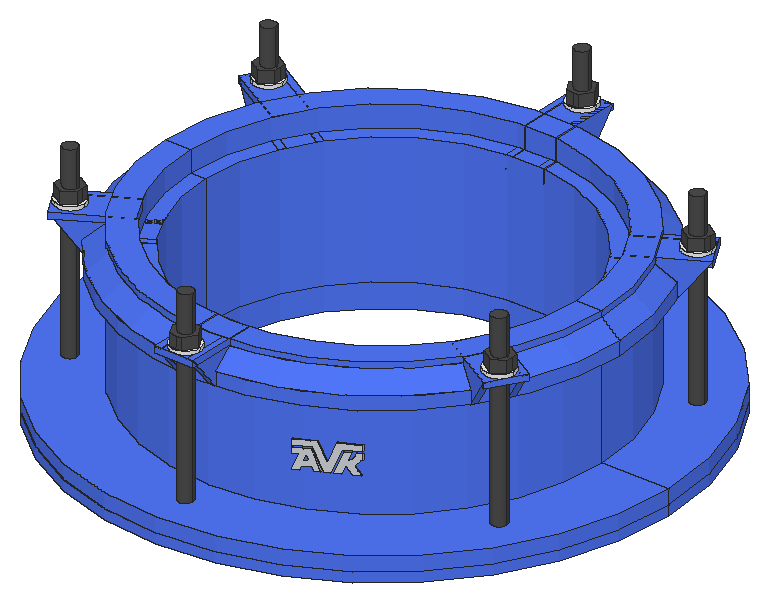
Revit family "603-A-6100-DN300", category Pipe Accessories, Revit 2019
Family settings
  Round Connector Dimension = Use Diameter
  Part Type = Valve - Breaks Into
  Work Plane-Based = No
  Always vertical = Yes
  Cut with Voids When Loaded = No
  Shared = No
Parameters (values of type "DN300_301 - 327")
  Washer_Ref = Bolt_Ref + 10 mm  # 35.777 mm
  Washer = 3 mm  # constant formula
  URL product pages = "https://www.avkvalves.com/P.aspx?no=6033060006100"
  Search_table = "603-A-6100-DN300"
  Rib_width = size_lookup(Search_table, "Rib_width", 0 mm, [Nomianal_Diameter(DN)])  # 445 mm
  Rib_length = 32 mm  # constant formula
  Rib_Thickness = 5 mm  # constant formula
  PCD = 420 mm  # constant formula
  Nut = 10 mm  # constant formula
  Max_Height = size_lookup(Search_table, "Max_Height", 0 mm, [Nomianal_Diameter(DN)])  # 170 mm
  L1 = size_lookup(Search_table, "L1", 0 mm, [Nomianal_Diameter(DN)])  # 61 mm
  L = size_lookup(Search_table, "L", 0 mm, [Nomianal_Diameter(DN)]) - 7 mm  # 99 mm
  ID = [Nomianal_Diameter(DN)] / 2  # 150 mm
  Nomianal_Diameter(DN) = 300 mm
  H1 = size_lookup(Search_table, "H1", 0 mm, [Nomianal_Diameter(DN)])  # 33 mm
  Description_ = "AVK UNIVERSAL SUPA® FLANGE ADAPTOR"
  DN300_324 - 350 = "603-350-000-6100"
  DN300_301 - 327 = "603-327-000-6100"
  DN2_ref = DN2 * 2  # 301 mm
  DN2 = size_lookup(Search_table, "DN2", 0 mm, [Nomianal_Diameter(DN)]) / 2  # 150.5 mm
  DN1_ref = DN1 * 2  # 327 mm
  DN1 = size_lookup(Search_table, "DN1", 0 mm, [Nomianal_Diameter(DN)]) / 2  # 163.5 mm
  D4 = (PCD / 2) + Bottom_Flange_Thicckness  # 222 mm
  D3 = size_lookup(Search_table, "D3", 0 mm, [Nomianal_Diameter(DN)]) / 2  # 200 mm
  D2 = size_lookup(Search_table, "D2", 0 mm, [Nomianal_Diameter(DN)]) / 2  # 185 mm
  D = size_lookup(Search_table, "D", 0 mm, [Nomianal_Diameter(DN)]) / 2  # 241.5 mm
  Bottom_Flange_Thicckness = 12 mm  # constant formula
  Bottm_height = size_lookup(Search_table, "Bottm_height", 0 mm, [Nomianal_Diameter(DN)])  # 8 mm
  Bottm_cut = size_lookup(Search_table, "Bottm_cut", 0 mm, [Nomianal_Diameter(DN)]) / 2  # 183.5 mm
  Bolt_width = 20 mm  # constant formula
  Bolt_Ref = 25.777 mm
Types (3, lengths in mm): name | Washer_Ref | ID | Nomianal_Diameter(DN) | DN2_ref | DN2 | DN1_ref | DN1 | Bolt_Ref
  (no name) | 35.777 | 150 | 300 | 301 | 150.5 | 327 | 163.5 | 25.777
  DN300_301 - 327 | 35.777 | 150 | 300 | 301 | 150.5 | 327 | 163.5 | 25.777
  DN300_324 - 350 | 24.405 | 150.05 | 300.1 | 324 | 162 | 350 | 175 | 14.405
Reference planes
  plane 1 "Center (Front/Back)": y = 0
  plane 2: z = 0
  plane 3 "Center (Left/Right)": x = 0
  plane 4: y = 222.5
  plane 5: y = -222.5
  plane 6: x = -222.5
  plane 7: x = 222.5
  plane 8: z = 170
  plane 9: z = 159
  plane 10: y = -12.5
  plane 11: y = 12.5
  plane 12: x = 11
  plane 13: x = -11
  plane 14: y = 210
  plane 15: y = -210
  plane 16: x = 0
  plane 17: x = 0
  plane 18: y = -200
  plane 19: y = -220
  plane 20: x = -5
  plane 21: x = 5
  plane 22: x = 5
  plane 23: x = -5
  plane 24: x = 11
  plane 25: x = -11
  plane 26: y = 210
  plane 27: y = 220
  plane 28: y = 200
  plane 29: x = -5
  plane 30: x = 5
  plane 31: x = 11
  plane 32: x = -11
  plane 33: x = 11
  plane 34: x = -11
  plane 35: x = 64.5
  plane 36: x = -64.5
  plane 37: y = 64.5
  plane 38: y = -64.5
  plane 39: through (0, 0, 1200) normal (-0.5, 0.866, 0)
  plane 40: y = 86.187
  plane 41: y = 63.813
  plane 42: y = 80
  plane 43: y = 80
  plane 44: y = 70
  plane 45: y = 70
  plane 46: y = 86.187
  plane 47: y = 63.813
  plane 48: y = -86.187
  plane 49: y = -63.813
  plane 50: y = -80
  plane 51: y = -80
  plane 52: y = -70
  plane 53: y = -70
  plane 54: y = -86.187
  plane 55: y = -63.813
  plane 56: x = -11
  plane 57: x = -11
  plane 58: x = -11
  plane 59: x = -182.115
  plane 60: x = -182.115
  plane 61: x = -192.115
  plane 62: x = -172.115
  plane 63: y = 86.187
  plane 64: y = 63.813
  plane 65: y = 80
  plane 66: y = 80
  plane 67: y = 70
  plane 68: y = 70
  plane 69: y = 86.187
  plane 70: y = 63.813
  plane 71: x = -182.115
  plane 72: x = -182.115
  plane 73: x = -192.115
  plane 74: x = -172.115
  plane 75: y = -86.187
  plane 76: y = -63.813
  plane 77: y = -80
  plane 78: y = -80
  plane 79: y = -70
  plane 80: y = -70
  plane 81: y = -86.187
  plane 82: y = -63.813
  plane 83: through (0, 0, 1200) normal (-0.5, 0.866, 0)
  plane 84: through (0, 0, 1200) normal (0.5, 0.866, 0)
  plane 85: through (0, 0, 1200) normal (-0.5, -0.866, 0)
  plane 86: through (0, 0, 1200) normal (0.5, -0.866, 0)
  plane 87: through (0, 0, 1200) normal (0.5, 0.866, 0)
  plane 88: x = 182.115
  plane 89: x = 182.115
  plane 90: x = 192.115
  plane 91: x = 172.115
  plane 92: x = 182.115
  plane 93: x = 182.115
  plane 94: x = 192.115
  plane 95: x = 172.115
  plane 96: y = 210
  plane 97: y = -210
  plane 98: y = -105.144
  plane 99: y = -105.144
  plane 100: y = 104.257
  plane 101: z = -8.467
  plane 102: x = -241.5
  plane 103: x = 241.5
  plane 104: z = 122.777
Forms (mm)
  Revolve 1, solid, material "Plastic"
    sketch origin (0, 0, 0) x (1, 0, 0) y (0, 0, 1)
      loop
        line (0, 0) -> (241.5, 0) -> (241.5, 12) -> (185, 12) -> (185, 99) -> (200, 99) -> (200, 110) -> (185, 122.777) -> (185, 127.777) -> (0, 127.777) -> (0, 0)
      axis (0, 0) -> (0, 127.777)
    angle from 0 to 360
  Extrusion 2, solid, material "Stainless Steel AISI 304"
    sketch origin (0, 0, 0) x (1, 0, 0) y (0, 1, 0)
      loop
        circle (0, 210) r 6
      loop
        circle (0, -210) r 6
      loop
        circle (-181.865, 105) r 6
      loop
        circle (-181.865, -105) r 6
      loop
        circle (181.865, 105) r 6
      loop
        circle (181.865, -105) r 6
    from 12 to 170
  Extrusion 3, solid, material "Stainless Steel AISI 304"
    sketch origin (0, 0, 0) x (1, 0, 0) y (0, 1, 0)
      loop
        line (0, -200) -> (-5, -200) -> (-11, -210) -> (-5, -220) -> (0, -220) -> (5, -220) -> (11, -210) -> (5, -200) -> (0, -200)
      loop
        line (0, 220) -> (-5, 220) -> (-11, 210) -> (-5, 200) -> (0, 200) -> (5, 200) -> (11, 210) -> (5, 220) -> (0, 220)
      loop
        line (-172.115, 105.144) -> (-172.115, 110.144) -> (-182.115, 116.331) -> (-192.115, 110.144) -> (-192.115, 105.144) -> (-192.115, 100.144) -> (-182.115, 93.957) -> (-172.115, 100.144) -> (-172.115, 105.144)
      loop
        line (-172.115, -104.444) -> (-172.115, -99.444) -> (-182.115, -93.258) -> (-192.115, -99.444) -> (-192.115, -104.444) -> (-192.115, -109.444) -> (-182.115, -115.631) -> (-172.115, -109.444) -> (-172.115, -104.444)
      loop
        line (172.115, 105.144) -> (172.115, 100.144) -> (182.115, 93.957) -> (192.115, 100.144) -> (192.115, 105.144) -> (192.115, 110.144) -> (182.115, 116.331) -> (172.115, 110.144) -> (172.115, 105.144)
      loop
        line (172.115, -104.444) -> (172.115, -109.444) -> (182.115, -115.631) -> (192.115, -109.444) -> (192.115, -104.444) -> (192.115, -99.444) -> (182.115, -93.258) -> (172.115, -99.444) -> (172.115, -104.444)
    from 130.519 to 140.515
  Extrusion 4, solid, material "Stainless Steel AISI 304(1)"
    sketch origin (0, 0, 0) x (1, 0, 0) y (0, 1, 0)
      loop
        circle (0, 210) r 11.994
      loop
        circle (0, -210) r 12
      loop
        circle (-181.865, 105) r 12
      loop
        circle (-181.843, -104.987) r 12
      loop
        circle (181.865, 105) r 12
      loop
        circle (181.843, -104.987) r 12
    from 127.777 to 130.519
  Revolve 5, solid, material "Plastic"
    sketch origin (0, 0, 0) x (1, 0, 0) y (0, 0, 1)
      loop
        line (150, 0) -> (150, -20) -> (183.5, -20) -> (183.5, 0) -> (150, 0)
      axis (0, -20) -> (0, 0)
    angle from 0 to 360
  Revolve 6, solid, material "Stainless Steel AISI 304"
    sketch origin (0, 0, 0) x (0, 1, 0) y (0, 0, 1)
      loop
        line (210, 0) -> (195, 0)
        arc (195, 0) -> (202.433, -1.494) -> (210, -1.982) r 56.625
        line (210, -1.982) -> (210, 0)
      axis (210, -1.982) -> (210, 0)
    angle from 0 to 360
  Revolve 7, solid, material "Stainless Steel AISI 304"
    sketch origin (0, 0, 0) x (0, -1, 0) y (0, 0, 1)
      loop
        line (210, 0) -> (195, 0)
        arc (195, 0) -> (202.433, -1.494) -> (210, -1.982) r 56.625
        line (210, -1.982) -> (210, 0)
      axis (210, -1.982) -> (210, 0)
    angle from 0 to 360
  Revolve 8, solid, material "Stainless Steel AISI 304"
    sketch origin (-181.616, 104.856, 0) x (0, -1, 0) y (0, 0, 1)
      loop
        line (210, 0) -> (195, 0)
        arc (195, 0) -> (202.433, -1.494) -> (210, -1.982) r 56.625
        line (210, -1.982) -> (210, 0)
      axis (210, -1.982) -> (210, 0)
    angle from 0 to 360
  Revolve 9, solid, material "Stainless Steel AISI 304"
    sketch origin (-181.616, 315.144, 0) x (0, -1, 0) y (0, 0, 1)
      loop
        line (210, 0) -> (195, 0)
        arc (195, 0) -> (202.433, -1.494) -> (210, -1.982) r 56.625
        line (210, -1.982) -> (210, 0)
      axis (210, -1.982) -> (210, 0)
    angle from 0 to 360
  Revolve 10, solid, material "Stainless Steel AISI 304"
    sketch origin (181.616, 104.856, 0) x (0, -1, 0) y (0, 0, 1)
      loop
        line (210, 0) -> (195, 0)
        arc (195, 0) -> (202.433, -1.494) -> (210, -1.982) r 56.625
        line (210, -1.982) -> (210, 0)
      axis (210, -1.982) -> (210, 0)
    angle from 0 to 360
  Revolve 11, solid, material "Stainless Steel AISI 304"
    sketch origin (181.616, 315.144, 0) x (0, -1, 0) y (0, 0, 1)
      loop
        line (210, 0) -> (195, 0)
        arc (195, 0) -> (202.433, -1.494) -> (210, -1.982) r 56.625
        line (210, -1.982) -> (210, 0)
      axis (210, -1.982) -> (210, 0)
    angle from 0 to 360
  Revolve 12, solid, material "Plastic"
    sketch origin (0, 0, 0) x (1, 0, 0) y (0, 0, 1)
      loop
        line (241.5, 0) -> (231.5, 0) -> (231.5, -8.467) -> (241.5, -8.467) -> (241.5, 0)
      axis (0, -8.467) -> (0, 0)
    angle from 0 to 360
  Blend 13, solid, material "Plastic"
    base sketch origin (0, 0, 0) x (1, 0, 0) y (0, 1, 0)
      loop
        line (184.691, 125.106) -> (-200.691, -97.394) -> (-198.191, -101.724) -> (187.191, 120.776) -> (184.691, 125.106)
    top sketch origin (0, 0, 0) x (1, 0, 0) y (0, 1, 0)
      loop
        line (-180.65, -85.823) -> (-178.15, -90.153) -> (167.443, 109.375) -> (164.943, 113.705) -> (-180.65, -85.823)
    from 127.777 to 99
  Blend 14, solid, material "Plastic"
    base sketch origin (0, 0, 0) x (0.5, 0.866025, 0) y (-0.866025, 0.5, 0)
      loop
        line (184.691, -125.106) -> (187.191, -120.776) -> (-198.191, 101.724) -> (-200.691, 97.394) -> (184.691, -125.106)
    top sketch origin (0, 0, 0) x (0.5, 0.866025, 0) y (-0.866025, 0.5, 0)
      loop
        line (-180.65, 85.823) -> (164.943, -113.705) -> (167.443, -109.375) -> (-178.15, 90.153) -> (-180.65, 85.823)
    from 127.777 to 99
  Blend 15, solid, material "Plastic"
    base sketch origin (0, 0, 0) x (0.5, 0.866025, 0) y (-0.866025, 0.5, 0)
      loop
        line (184.691, 125.106) -> (-200.691, -97.394) -> (-198.191, -101.724) -> (187.191, 120.776) -> (184.691, 125.106)
    top sketch origin (0, 0, 0) x (0.5, 0.866025, 0) y (-0.866025, 0.5, 0)
      loop
        line (-180.65, -85.823) -> (-178.15, -90.153) -> (167.443, 109.375) -> (164.943, 113.705) -> (-180.65, -85.823)
    from 127.777 to 99
  Blend 16, solid, material "Plastic"
    base sketch origin (0, 0, 0) x (-0.5, 0.866025, 0) y (-0.866025, -0.5, 0)
      loop
        line (184.691, -125.106) -> (187.191, -120.776) -> (-198.191, 101.724) -> (-200.691, 97.394) -> (184.691, -125.106)
    top sketch origin (0, 0, 0) x (-0.5, 0.866025, 0) y (-0.866025, -0.5, 0)
      loop
        line (-180.65, 85.823) -> (164.943, -113.705) -> (167.443, -109.375) -> (-178.15, 90.153) -> (-180.65, 85.823)
    from 127.777 to 99
  Blend 17, solid, material "Plastic"
    base sketch origin (0, 0, 0) x (-0.5, 0.866025, 0) y (-0.866025, -0.5, 0)
      loop
        line (184.691, 125.106) -> (-200.691, -97.394) -> (-198.191, -101.724) -> (187.191, 120.776) -> (184.691, 125.106)
    top sketch origin (0, 0, 0) x (-0.5, 0.866025, 0) y (-0.866025, -0.5, 0)
      loop
        line (-180.65, -85.823) -> (-178.15, -90.153) -> (167.443, 109.375) -> (164.943, 113.705) -> (-180.65, -85.823)
    from 127.777 to 99
  Blend 18, solid, material "Plastic"
    base sketch origin (0, 0, 0) x (-1, 0, 0) y (0, -1, 0)
      loop
        line (184.691, -125.106) -> (187.191, -120.776) -> (-198.191, 101.724) -> (-200.691, 97.394) -> (184.691, -125.106)
    top sketch origin (0, 0, 0) x (-1, 0, 0) y (0, -1, 0)
      loop
        line (-180.65, 85.823) -> (164.943, -113.705) -> (167.443, -109.375) -> (-178.15, 90.153) -> (-180.65, 85.823)
    from 127.777 to 99
  Extrusion 19, solid, material "Plastic"
    sketch origin (0, 0, 0) x (1, 0, 0) y (0, 1, 0)
      loop
        line (-16, 222.5) -> (-16, -222.5) -> (16, -222.5) -> (16, 222.5) -> (-16, 222.5)
    from 122.777 to 127.777
  Extrusion 20, solid, material "Plastic"
    sketch origin (0, 0, 0) x (-0.5, -0.866025, 0) y (0.866025, -0.5, 0)
      loop
        line (-16, 222.5) -> (-16, -222.5) -> (16, -222.5) -> (16, 222.5) -> (-16, 222.5)
    from 122.777 to 127.777
  Extrusion 21, solid, material "Plastic"
    sketch origin (0, 0, 0) x (0.5, -0.866025, 0) y (0.866025, 0.5, 0)
      loop
        line (-16, 222.5) -> (-16, -222.5) -> (16, -222.5) -> (16, 222.5) -> (-16, 222.5)
    from 122.777 to 127.777
  Revolve 22, void
    sketch origin (0, 0, 0) x (1, 0, 0) y (0, 0, 1)
      loop
        line (0, 127.777) -> (0, -20) -> (150.5, -20) -> (150.5, 110) -> (163.5, 110) -> (163.5, 127.777) -> (0, 127.777)
      axis (0, -20) -> (0, 127.777)
    angle from 0 to 360
Cuts and joins
  Revolve 22 cuts Revolve 1
  Revolve 22 cuts Revolve 5
  Revolve 22 cuts Blend 13
  Revolve 22 cuts Blend 14
  Revolve 22 cuts Blend 15
  Revolve 22 cuts Blend 16
  Revolve 22 cuts Blend 17
  Revolve 22 cuts Blend 18
  Revolve 22 cuts Extrusion 19
  Revolve 22 cuts Extrusion 20
  Revolve 22 cuts Extrusion 21
Dimensions and locks
  "D": Revolve 1 sketch curve to plane 3 "Center (Left/Right)"
  "Bottom_Flange_Thicckness": Revolve 1 sketch curve to Revolve 1 sketch curve
  "L": Revolve 1 sketch curve to Revolve 1 sketch curve
  Revolve 1 sketch curve to Revolve 1 sketch curve = 28.777 mm
  "D2": Revolve 1 sketch curve to Revolve 1 sketch curve  (x2)
  "D3": Revolve 1 sketch curve to Revolve 1 sketch curve
  equal spacing: plane 4, plane 1 "Center (Front/Back)", plane 5
  "Rib_width": plane 4 to plane 5
  equal spacing: plane 6, plane 3 "Center (Left/Right)", plane 7
  "Rib_width": plane 6 to plane 7
  equal spacing: Extrusion 2 sketch curve, plane 1 "Center (Front/Back)", Extrusion 2 sketch curve
  "PCD": Extrusion 2 sketch curve to Extrusion 2 sketch curve
  equal spacing: plane 14, plane 1 "Center (Front/Back)", plane 15
  "PCD": plane 14 to plane 15
  equal spacing: plane 20, plane 17, plane 21
  equal spacing: plane 18, plane 15, plane 19
  plane 20 to plane 21 = 10 mm
  "Bolt_width": plane 18 to plane 19
  equal spacing: plane 29, plane 17, plane 30
  equal spacing: plane 28, plane 26, plane 27
  plane 29 to plane 30 = 10 mm
  "Bolt_width": plane 28 to plane 27
  equal spacing: Extrusion 4 sketch curve, plane 1 "Center (Front/Back)", Extrusion 4 sketch curve
  "PCD": Extrusion 4 sketch curve to Extrusion 4 sketch curve
  "ID": Revolve 5 sketch curve to plane 3 "Center (Left/Right)"
  "Bottm_cut": Revolve 5 sketch curve to plane 3 "Center (Left/Right)"
  "Rib_Thickness": Revolve 1 sketch curve to Revolve 1 sketch curve
  plane 42 to plane 44 = 10 mm
  plane 43 to plane 45 = 10 mm
  plane 50 to plane 52 = 10 mm
  plane 51 to plane 53 = 10 mm
  equal spacing: plane 61, plane 60, plane 62
  plane 65 to plane 67 = 10 mm
  plane 66 to plane 68 = 10 mm
  "Bolt_width": plane 61 to plane 62
  equal spacing: plane 73, plane 72, plane 74
  plane 77 to plane 79 = 10 mm
  plane 78 to plane 80 = 10 mm
  "Bolt_width": plane 73 to plane 74
  equal spacing: plane 90, plane 89, plane 91
  "Bolt_width": plane 90 to plane 91
  equal spacing: plane 94, plane 93, plane 95
  "Bolt_width": plane 94 to plane 95
  equal spacing: plane 103, plane 3 "Center (Left/Right)", plane 102
  plane 103 to plane 102 = 483 mm
  "D": plane 103 to plane 3 "Center (Left/Right)"
  locked: Revolve 12 sketch curve to Revolve 12 sketch curve at 10
  locked: Extrusion 2 to level at 170
  locked: Extrusion 20 to Extrusion 20 at 5
  locked: Extrusion 19 to Extrusion 19 at 5
  locked: Extrusion 21 to Extrusion 21 at 5
  "DN1": Revolve 22 sketch curve to plane 3 "Center (Left/Right)"
  "DN2": Revolve 22 sketch curve to plane 3 "Center (Left/Right)"
  locked: cut or joined group of Revolve 1, Revolve 22 to cut or joined group of Revolve 5, Revolve 22 at 119
  locked: Extrusion 2 to cut or joined group of Revolve 5, Revolve 22 at 190
  locked: Extrusion 3 to Extrusion 4 at 9.996
  locked: Extrusion 4 to cut or joined group of Revolve 1, Revolve 22 at 2.742
  radius of Extrusion 4 sketch curve = 11.994 mm
  radius of Extrusion 4 sketch curve = 12 mm  (x5)
  radius of Extrusion 2 sketch curve = 6 mm  (x6)
  radius of Revolve 6 sketch curve = 56.625 mm
  radius of Revolve 7 sketch curve = 56.625 mm
  radius of Revolve 8 sketch curve = 56.625 mm
  radius of Revolve 9 sketch curve = 56.625 mm
  radius of Revolve 10 sketch curve = 56.625 mm
  radius of Revolve 11 sketch curve = 56.625 mm
  aligned and locked: level to plane 2
  aligned and locked: Revolve 1 sketch curve to plane 3 "Center (Left/Right)"
  aligned and locked: Revolve 1 sketch curve to Revolve 1 sketch curve
  aligned and locked: plane 22 to Extrusion 3 sketch curve
  aligned and locked: plane 18 to Extrusion 3 sketch curve  (x2)
  aligned and locked: Extrusion 3 sketch curve to plane 23
  aligned and locked: plane 20 to Extrusion 3 sketch curve
  aligned and locked: plane 19 to Extrusion 3 sketch curve  (x2)
  aligned and locked: Extrusion 3 sketch curve to plane 21
  aligned and locked: plane 24 to Extrusion 3 sketch curve
  aligned and locked: plane 15 to Extrusion 3 sketch curve  (x2)
  aligned and locked: Extrusion 3 sketch curve to plane 25
  aligned and locked: plane 28 to Extrusion 3 sketch curve  (x2)
  aligned and locked: plane 30 to Extrusion 3 sketch curve  (x2)
  aligned and locked: Extrusion 3 sketch curve to plane 29  (x2)
  aligned and locked: plane 27 to Extrusion 3 sketch curve  (x2)
  aligned and locked: plane 34 to Extrusion 3 sketch curve
  aligned and locked: Extrusion 3 sketch curve to plane 33
  aligned and locked: plane 26 to Extrusion 3 sketch curve  (x2)
  aligned and locked: plane 26 to plane 14
  aligned and locked: plane 3 "Center (Left/Right)" to Revolve 5 sketch curve
  aligned and locked: Revolve 1 to Revolve 5
  aligned and locked: Extrusion 3 to Extrusion 4
  aligned and locked: Extrusion 3 sketch curve to plane 62  (x2)
  aligned and locked: Extrusion 3 sketch curve to plane 61  (x2)
  aligned and locked: Extrusion 3 sketch curve to plane 60  (x2)
  aligned and locked: plane 59 to plane 60
  aligned and locked: plane 74 to Extrusion 3 sketch curve  (x2)
  aligned and locked: plane 73 to Extrusion 3 sketch curve  (x2)
  aligned and locked: Extrusion 3 sketch curve to plane 72
  aligned and locked: plane 72 to Extrusion 3 sketch curve
  aligned and locked: plane 72 to plane 71
  aligned and locked: plane 91 to Extrusion 3 sketch curve  (x2)
  aligned and locked: plane 90 to Extrusion 3 sketch curve  (x2)
  aligned and locked: plane 89 to Extrusion 3 sketch curve  (x2)
  aligned and locked: plane 89 to plane 88
  aligned and locked: Extrusion 3 sketch curve to plane 95  (x2)
  aligned and locked: Extrusion 3 sketch curve to plane 94  (x2)
  aligned and locked: Extrusion 3 sketch curve to plane 93  (x2)
  aligned and locked: plane 92 to plane 93
  aligned and locked: plane 96 to Extrusion 2
  aligned and locked: Revolve 6 sketch curve to plane 96  (x2)
  aligned and locked: plane 103 to Revolve 12 sketch curve
  aligned and locked: plane 101 to Revolve 12 sketch curve
  aligned and locked: Revolve 6 to Revolve 12
  aligned and locked: Revolve 12 to Revolve 9
  aligned and locked: Revolve 12 to Revolve 7  (x2)
  aligned and locked: Revolve 10 to Revolve 12
  aligned and locked: Revolve 12 to Revolve 8
  aligned and locked: Revolve 12 to Revolve 11 sketch curve
  aligned and locked: Extrusion 2 to plane 8
  aligned and locked: Revolve 22 sketch curve to Revolve 1
  aligned and locked: plane 3 "Center (Left/Right)" to Revolve 22 sketch curve
  aligned and locked: Revolve 5 to Revolve 22 sketch curve
  aligned and locked: Revolve 1 to Revolve 22 sketch curve
  aligned and locked: Revolve 22 sketch curve to Revolve 22 sketch curve
  aligned and locked: Blend 17 to Extrusion 4
  aligned and locked: Blend 18 to Extrusion 4
  aligned and locked: Extrusion 21 to Extrusion 4
  aligned and locked: Blend 13 to Extrusion 4
  aligned and locked: Blend 14 to Extrusion 4
  aligned and locked: Blend 15 to Extrusion 4
  aligned and locked: Blend 16 to Extrusion 4
  aligned and locked: plane 104 to cut or joined group of Revolve 1, Revolve 22
  aligned and locked: cut or joined group of Extrusion 21, Revolve 22 to plane 104
  aligned and locked: cut or joined group of Extrusion 19, Revolve 22 to plane 104
  aligned and locked: cut or joined group of Extrusion 20, Revolve 22 to plane 104
Automatic sketch dimensions
  Revolve 6 sketch curve to level = 0 mm
  plane 96 to Revolve 6 sketch curve = 0.147 mm
  plane 96 to Revolve 6 sketch curve = 15 mm
  plane 101 to Revolve 6 sketch curve = 1.824 mm
  Revolve 6 sketch curve to plane 101 = 1.533 mm
  Revolve 7 sketch curve to level = 0 mm
  Revolve 7 sketch curve to plane 97 = 0 mm  (x2)
  Revolve 7 sketch curve to plane 97 = 0.147 mm
  Revolve 7 sketch curve to Revolve 7 sketch curve = 15 mm
  Revolve 7 sketch curve to plane 101 = 1.824 mm
  plane 101 to Revolve 7 sketch curve = 1.533 mm
  Revolve 8 sketch curve to level = 0 mm
  Revolve 8 sketch curve to plane 98 = 0 mm  (x2)
  Revolve 8 sketch curve to plane 98 = 0.147 mm
  Revolve 8 sketch curve to Revolve 8 sketch curve = 15 mm
  Revolve 8 sketch curve to plane 101 = 1.824 mm
  plane 101 to Revolve 8 sketch curve = 1.533 mm
  Revolve 9 sketch curve to level = 0 mm
  plane 100 to Revolve 9 sketch curve = 15.887 mm
  plane 100 to Revolve 9 sketch curve = 1.034 mm
  plane 100 to Revolve 9 sketch curve = 0.887 mm  (x2)
  Revolve 9 sketch curve to plane 101 = 1.824 mm
  plane 101 to Revolve 9 sketch curve = 1.533 mm
  Revolve 10 sketch curve to level = 0 mm
  Revolve 10 sketch curve to plane 98 = 0 mm  (x2)
  plane 98 to Revolve 10 sketch curve = 0.147 mm
  Revolve 10 sketch curve to Revolve 10 sketch curve = 15 mm
  plane 101 to Revolve 10 sketch curve = 1.824 mm
  Revolve 10 sketch curve to plane 101 = 1.533 mm
  Revolve 11 sketch curve to plane 100 = 15.887 mm
  Revolve 11 sketch curve to plane 100 = 1.034 mm
  Revolve 11 sketch curve to plane 100 = 0.887 mm  (x2)
  plane 101 to Revolve 11 sketch curve = 1.824 mm
  Revolve 11 sketch curve to plane 101 = 1.533 mm
  Revolve 12 sketch curve to plane 3 "Center (Left/Right)" = 0 mm
  Revolve 12 sketch curve to level = 0 mm
  Revolve 12 sketch curve to plane 101 = 20 mm
  Revolve 12 sketch curve to Revolve 12 sketch curve = 15 mm
  plane 98 to Blend 13 sketch curve = 3.42 mm
  plane 98 to Blend 13 sketch curve = 19.321 mm
  plane 98 to Blend 13 sketch curve = 14.991 mm
  Blend 13 sketch curve to plane 100 = 9.448 mm
  Blend 14 sketch curve to plane 87 = 200.691 mm
  Blend 14 sketch curve to Blend 14 sketch curve = 2.5 mm  (x2)
  plane 87 to Blend 14 sketch curve = 184.691 mm
  plane 39 to Blend 14 sketch curve = 11 mm
  Blend 14 sketch curve to Blend 14 sketch curve = 4.33 mm  (x2)
  Blend 14 sketch curve to plane 87 = 180.65 mm
  plane 87 to Blend 14 sketch curve = 164.943 mm
  plane 98 to Blend 14 sketch curve = 4.062 mm
  Blend 15 sketch curve to plane 5 = 0 mm  (x2)
  Blend 15 sketch curve to plane 13 = 0 mm  (x3)
  Blend 15 sketch curve to plane 4 = 0 mm
  Blend 15 sketch curve to Blend 15 sketch curve = 2.5 mm  (x2)
  plane 87 to Blend 15 sketch curve = 180.65 mm
  Blend 15 sketch curve to plane 87 = 164.943 mm
  Blend 16 sketch curve to plane 5 = 0 mm  (x2)
  Blend 16 sketch curve to plane 12 = 0 mm  (x3)
  Blend 16 sketch curve to plane 4 = 0 mm
  Blend 16 sketch curve to Blend 16 sketch curve = 2.5 mm  (x2)
  Blend 16 sketch curve to plane 39 = 180.65 mm
  plane 39 to Blend 16 sketch curve = 164.943 mm
  Blend 17 sketch curve to plane 39 = 200.691 mm
  Blend 17 sketch curve to Blend 17 sketch curve = 2.5 mm  (x2)
  plane 39 to Blend 17 sketch curve = 184.691 mm
  plane 87 to Blend 17 sketch curve = 11 mm
  Blend 17 sketch curve to Blend 17 sketch curve = 4.33 mm  (x2)
  Blend 17 sketch curve to plane 39 = 180.65 mm
  plane 39 to Blend 17 sketch curve = 164.943 mm
  Blend 17 sketch curve to plane 98 = 4.062 mm
  plane 98 to Blend 18 sketch curve = 7.75 mm
  plane 7 to Blend 18 sketch curve = 21.809 mm
  plane 98 to Blend 18 sketch curve = 3.42 mm
  Blend 18 sketch curve to Blend 18 sketch curve = 2.5 mm  (x2)
  Blend 18 sketch curve to plane 100 = 20.849 mm
  plane 98 to Blend 18 sketch curve = 19.321 mm
  plane 7 to Blend 18 sketch curve = 41.85 mm
  plane 98 to Blend 18 sketch curve = 14.991 mm
  Blend 18 sketch curve to plane 100 = 9.448 mm
  plane 98 to Blend 13 sketch curve = 7.75 mm
  Blend 13 sketch curve to plane 6 = 21.809 mm
  Blend 13 sketch curve to Blend 13 sketch curve = 2.5 mm  (x2)
  Blend 13 sketch curve to plane 100 = 20.849 mm
  Blend 13 sketch curve to plane 6 = 41.85 mm
  Extrusion 20 sketch curve to plane 87 = 16 mm
  plane 87 to Extrusion 20 sketch curve = 16 mm
  Extrusion 20 sketch curve to plane 100 = 20.849 mm
  Extrusion 20 sketch curve to Extrusion 20 sketch curve = 445 mm
  plane 39 to Extrusion 21 sketch curve = 16 mm
  Extrusion 21 sketch curve to plane 39 = 16 mm
  plane 98 to Extrusion 21 sketch curve = 7.75 mm
  Extrusion 21 sketch curve to Extrusion 21 sketch curve = 445 mm
  Extrusion 19 sketch curve to plane 5 = 0 mm
  Extrusion 19 sketch curve to plane 4 = 0 mm
  Extrusion 19 sketch curve to plane 13 = 5 mm
  plane 12 to Extrusion 19 sketch curve = 5 mm
  Revolve 1 sketch curve to level = 0 mm
  Revolve 1 sketch curve to Revolve 1 sketch curve = 11 mm
  Revolve 1 sketch curve to Revolve 1 sketch curve = 0.069 mm
  Revolve 1 sketch curve to Revolve 1 sketch curve = 0.201 mm
  Extrusion 2 sketch curve to plane 84 = 0 mm
  Extrusion 2 sketch curve to plane 39 = 0 mm  (x2)
  Extrusion 2 sketch curve to plane 3 "Center (Left/Right)" = 0 mm  (x2)
  plane 84 to Extrusion 2 sketch curve = 0 mm
  plane 98 to Extrusion 2 sketch curve = 0.144 mm  (x2)
  Extrusion 2 sketch curve to plane 100 = 0.743 mm  (x2)
  Extrusion 3 sketch curve to plane 3 "Center (Left/Right)" = 0 mm  (x4)
  Extrusion 3 sketch curve to plane 98 = 10.487 mm  (x2)
  Extrusion 3 sketch curve to plane 98 = 4.3 mm  (x4)
  plane 98 to Extrusion 3 sketch curve = 0.7 mm  (x4)
  Extrusion 3 sketch curve to Extrusion 3 sketch curve = 5 mm  (x8)
  plane 48 to Extrusion 3 sketch curve = 7.071 mm  (x2)
  plane 40 to Extrusion 3 sketch curve = 7.771 mm  (x2)
  plane 100 to Extrusion 3 sketch curve = 4.113 mm  (x4)
  Extrusion 3 sketch curve to plane 100 = 0.887 mm  (x4)
  Extrusion 3 sketch curve to Extrusion 3 sketch curve = 6.187 mm  (x2)
  plane 87 to Extrusion 4 sketch curve = 0 mm  (x2)
  Extrusion 4 sketch curve to plane 39 = 0 mm  (x2)
  Extrusion 4 sketch curve to plane 3 "Center (Left/Right)" = 0 mm  (x2)
  plane 98 to Extrusion 4 sketch curve = 0.157 mm  (x2)
  Extrusion 4 sketch curve to plane 100 = 0.743 mm  (x2)
  Revolve 5 sketch curve to level = 0 mm
  Revolve 5 sketch curve to plane 101 = 11.533 mm
  level to Revolve 5 sketch curve = 21.248 mm
  Revolve 5 sketch curve to Revolve 5 sketch curve = 16.264 mm
  level to Revolve 22 sketch curve = 45 mm
  Revolve 22 sketch curve to Revolve 22 sketch curve = 15 mm
Nested families
  nested 1: "LOGO - Copy - Copy - Copy - Copy" at (84.335, -164.659, 31.177) x (0.89, 0.4559, 0) z (0.4559, -0.89, 0), type "LOGO - Copy - Copy - Copy - Copy"
Connectors
  piping at (0, 0, -20), diameter 301, driven by "DN2_ref"
    settings: on Revolve 5, index 3, connector inside diameter 609.6 mm, connector length 0 mm, flow factor 0, pipe flow 0.0 L/s, pressure drop 0.0 Pa, fitting loss kfactor 0, connector angle 0.00°, fixture units 0, engagement length 0 mm, angle of deflection 0.00°, flow configuration 0, flow direction 0, fitting loss method 0, system type 7, joint type 0, gender type 0, connector reference index -1, connector utility 0, adjustable connector no, is connector primary yes, connector description ""
  piping at (0, 0, 127.777), diameter 327, driven by "DN1_ref"
    settings: on Revolve 1, index 4, connector inside diameter 609.6 mm, connector length 0 mm, flow factor 0, pipe flow 0.0 L/s, pressure drop 0.0 Pa, fitting loss kfactor 0, connector angle 0.00°, fixture units 0, engagement length 0 mm, angle of deflection 0.00°, flow configuration 0, flow direction 0, fitting loss method 0, system type 7, joint type 0, gender type 0, connector reference index -1, connector utility 0, adjustable connector no, is connector primary no, connector description ""
Definition of nested family "LOGO - Copy - Copy - Copy - Copy"
  Parameters (values of type "LOGO - Copy - Copy - Copy - Copy")
    Default Elevation = 1219.2 mm
  Reference planes
    plane 1 "Center (Front/Back)": y = 0
    plane 2: z = 0
    plane 3 "Center (Left/Right)": x = 0
  Forms (mm)
    Extrusion 1, solid
      sketch origin (0, 0, 0) x (1, 0, 0) y (0, 1, 0)
        loop
          line (-1219.2, 1219.2) -> (-1219.2, -1219.2) -> (1219.2, -1219.2) -> (1219.2, 1219.2) -> (-1219.2, 1219.2)
      from 0 to -304.8
    Extrusion 2, solid
      sketch origin (0, 0, 0) x (1, 0, 0) y (0, 1, 0)
        loop
          line (-6.514, 34.224) -> (-24, 34.224) -> (-24, 29.481) -> (-9.766, 29.481) -> (-2.391, 11.367) -> (2.391, 11.367) -> (9.766, 29.481) -> (24, 29.481) -> (24, 34.224) -> (6.514, 34.224) -> (0, 18.224) -> (-6.514, 34.224)
        loop
          line (-10.996, 27.653) -> (-24, 27.653) -> (-24, 23.081) -> (-19.503, 23.081) -> (-24, 11.367) -> (-18.92, 11.367) -> (-17.955, 13.881) -> (-10.51, 13.881) -> (-9.486, 11.367) -> (-4.365, 11.367) -> (-10.996, 27.653)
        loop
          line (-16.777, 18.224) -> (-12.278, 18.224) -> (-14.594, 23.912) -> (-16.777, 18.224)
        loop
          line (4.365, 11.367) -> (9.486, 11.367) -> (12.093, 17.77) -> (16.918, 11.367) -> (22.857, 11.367) -> (17.399, 18.61)
          arc (17.399, 18.61) -> (20.583, 20.18) -> (22.629, 23.081) r 7.2
          line (22.629, 23.081) -> (24, 23.081) -> (24, 27.653) -> (19.429, 27.653)
          arc (19.429, 27.653) -> (17.763, 23.526) -> (13.699, 21.714) r 5.943
          line (13.699, 21.714) -> (16.117, 27.653) -> (10.996, 27.653) -> (4.365, 11.367)
      from 0 to 1
  Dimensions and locks
    aligned and locked: plane 2 to Extrusion 1
    aligned and locked: level to Extrusion 1
    aligned and locked: Extrusion 2 sketch curve to import instance
